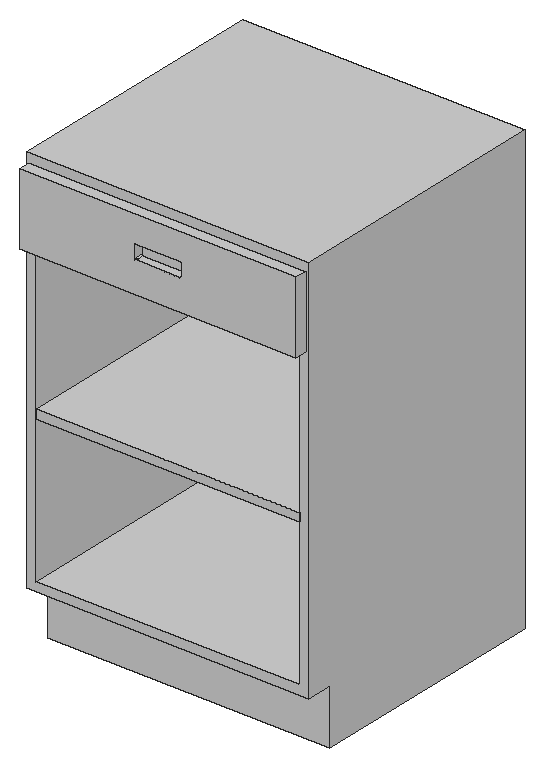
Revit family "WC29", category Specialty Equipment, Revit 2012
Parameters (values of type "Work Counter Unit w/ 1 Drawer & 1 Shelf (Default)")
  URL = "http://madixinc.com/store/pharmacy/counters.html"
  Model = "Work Counter"
  Manufacturer = "© 2012 Madix, Inc. All rights reserved."
Reference planes (in)
  plane 1 "Center (Front/Back)": y = 0
  plane 2: z = 0
  plane 3 "Center (Left/Right)": x = 0
  plane 4: x = -12
  plane 5: x = 12
  plane 6: y = 12
  plane 7: y = -12
  plane 8: z = 38
  plane 9: y = -11.25
  plane 10: y = -11.875
  plane 11: x = 11.75
  plane 12: x = -11.75
  plane 13: x = -11.25
Forms (in)
  Extrusion 1, solid, material "Metal - Steel"
    sketch origin (0, 0, 0) x (0, -1, 0) y (0, 0, -1)
      loop
        line (-12, 0) -> (-12, -38) -> (11, -38) -> (11, -4.75) -> (8.75, -4.75) -> (8.75, 0) -> (-12, 0)
    from -12 to -11.25
  Extrusion 2, solid, material "Metal - Steel"
    sketch origin (0, 0, 0) x (0, 1, 0) y (0, 0, 1)
      loop
        line (-11, 37.25) -> (-11.25, 37.25) -> (-11.25, 31.125) -> (-11, 31.125) -> (-11, 37.25)
    from -11.75 to 11.75
  Extrusion 3, solid, material "Metal - Steel"
    sketch origin (0, 0, 0) x (1, 0, 0) y (0, 0, 1)
      loop
        line (-11.75, 37.25) -> (-11.75, 31.125) -> (11.75, 31.125) -> (11.75, 37.25) -> (-11.75, 37.25)
      loop
        line (-2, 35.125) -> (-2, 34.5) -> (-2, 33.875)
        arc (-2, 33.875) -> (-1.96339, 33.78661) -> (-1.875, 33.75) r 0.125
        line (-1.875, 33.75) -> (0, 33.75) -> (1.875, 33.75)
        arc (1.875, 33.75) -> (1.96339, 33.78661) -> (2, 33.875) r 0.125
        line (2, 33.875) -> (2, 34.5) -> (2, 35.125)
        arc (2, 35.125) -> (1.96339, 35.21339) -> (1.875, 35.25) r 0.125
        line (1.875, 35.25) -> (0, 35.25) -> (-1.875, 35.25)
        arc (-1.875, 35.25) -> (-1.96339, 35.21339) -> (-2, 35.125) r 0.125
    from 11.25 to 11.875
  Extrusion 4, solid, material "Metal - Steel"
    sketch origin (0, 0, 0) x (1, 0, 0) y (0, 0, 1)
      loop
        line (-11.75, 37.25) -> (-11.75, 31.125) -> (11.75, 31.125) -> (11.75, 37.25) -> (-11.75, 37.25)
      loop
        arc (-1.875, 35) -> (-1.96339, 34.96339) -> (-2, 34.875) r 0.125
        line (-2, 34.875) -> (-2, 33.875)
        arc (-2, 33.875) -> (-1.96339, 33.78661) -> (-1.875, 33.75) r 0.125
        line (-1.875, 33.75) -> (1.875, 33.75)
        arc (1.875, 33.75) -> (1.96339, 33.78661) -> (2, 33.875) r 0.125
        line (2, 33.875) -> (2, 34.875)
        arc (2, 34.875) -> (1.96339, 34.96339) -> (1.875, 35) r 0.125
        line (1.875, 35) -> (-1.875, 35)
    from 11.875 to 12
  Extrusion 5, solid, material "Metal - Steel"
    sketch origin (0, 0, 0) x (0, -1, 0) y (0, 0, 1)
      loop
        line (-12, 0) -> (8.75, 0) -> (8.75, 4.75) -> (11, 4.75) -> (11, 38) -> (-12, 38) -> (-12, 0)
    from -12 to -11.25
  Extrusion 6, solid, material "Metal - Steel"
    sketch origin (0, 0, 0) x (1, 0, 0) y (0, 1, 0)
      loop
        line (-11.25, 12) -> (-11.25, 11.75) -> (11.25, 11.75) -> (11.25, 12) -> (-11.25, 12)
    from 0 to 38
  Extrusion 7, solid, material "Metal - Steel"
    sketch origin (0, 0, 0) x (1, 0, 0) y (0, 1, 0)
      loop
        line (11.25, -11) -> (11.25, 11.75) -> (-11.25, 11.75) -> (-11.25, -11) -> (11.25, -11)
    from 31.125 to 38
  Extrusion 8, solid, material "Metal - Steel"
    sketch origin (0, 0, 0) x (0, 1, 0) y (0, 0, 1)
      loop
        line (-8.75, 0) -> (11.75, 0) -> (11.75, 5.5) -> (-11, 5.5) -> (-11, 4.75) -> (-8.75, 4.75) -> (-8.75, 0)
    from -11.25 to 11.25
  Extrusion 9, solid, material "Metal - Steel"
    sketch origin (0, 0, 0) x (1, 0, 0) y (0, 0, 1)
      loop
        line (11.25, 18.3125) -> (11.25, 18.6875) -> (-11.25, 18.6875) -> (-11.25, 17.9375) -> (11.25, 17.9375) -> (11.25, 18.3125)
    from -11.75 to 11
Cuts and joins
  joined: Extrusion 1, Extrusion 2, Extrusion 3, Extrusion 4, Extrusion 5, Extrusion 6, Extrusion 7, Extrusion 8
Dimensions and locks (in)
  aligned and locked: level to plane 2
  aligned and locked: Extrusion 4 to Extrusion 3
  aligned and locked: plane 11 to Extrusion 3
  aligned and locked: Extrusion 3 to Extrusion 2
  aligned and locked: Extrusion 4 to Extrusion 2
  aligned and locked: Extrusion 3 to Extrusion 4
  aligned and locked: Extrusion 2 to Extrusion 3
